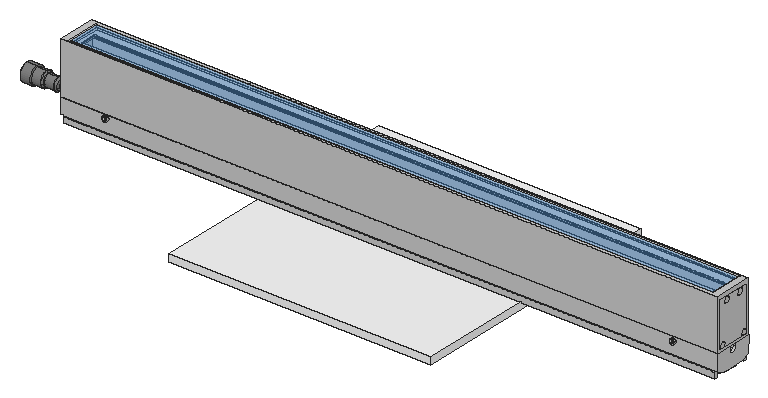
Revit family "BE_77153_de_DE", category Leuchten, Revit 2015
Parameters (values of type "BEGA_77153_Silber_K4")
  built-in parameter 1150104 = 13.686 (stored number, unit not read)
  Wattage = 33.6 W
  Default Elevation = 0 mm
  built-in parameter 1150113 = 1 (stored number, unit not read)
  built-in parameter 1114218 = 1 (stored number, unit not read)
  Umgebungstemperatur = "25 °C"
  URL = "http://www.bega.de/produkt/77153"
  Typenkommentare = "© 2017 BEGA. Wir behalten uns das Recht vor, technische Änderungen ohne vorherige Ankündigung vorzunehmen."  # constant formula
  Type Image = 77153.png
  built-in parameter 1150134 = 12
  built-in parameter 1150109 = 1 (stored number, unit not read)
  Strom = ""
  built-in parameter 1150110 = 1 (stored number, unit not read)
  Spannung = 239.996 V
  Sonderanfertigung = no
  Sockeltyp = ""
  Sockelanzahl = ""
  Seriennummer [instance] = "Hier können Sie die eindeutige Seriennummer für das Facility Management eintragen."
  Schutzklasse = "I"
  Schutzart = "IP 65"
  Scheinlast = 0 VA
  Produktdatenblatt = "http://www.bega.de/download/Xrfa/db/77153.db.de.pdf"
  Oberflächentemperatur = ""
  Neigungswinkel = 0.00°
  Modell = "77153A"
  Material_18 = BEGA_Gummi_schwarz
  Material_17 = BEGA_Reflektor
  Material_15 = BEGA_Leuchtmedium_matt
  Material_11 = BEGA_Glas_opal
  Material_10 = BEGA_Glas_matt
  Material_09 = BEGA_Glas_klar
  Material_06 = BEGA_Oberfläche_Edelstahl_gebürstet
  Material_04 = BEGA_Kunststoff_Grafit_matt
  Material_03 = BEGA_Oberfläche_Weiss_matt
  Material_02 = BEGA_Oberfläche_Silber_matt
  Material_01 [instance] = BEGA_Oberfläche_Grafit_matt
  M_W = no
  M_G = no
  M_A = yes
  Logo = 0
  built-in parameter 1114217 = 1 (stored number, unit not read)
  built-in parameter 1150139 = (empty or 0)
  built-in parameter 1150105 = 393.9 (stored number, unit not read)
  built-in parameter 1150114 = 1 (stored number, unit not read)
  Lumens = 4949.95 lm
  built-in parameter 1150115 = 1 (stored number, unit not read)
  Leuchtenlichtstrom = "2813 lm"
  Leuchtenanzahl = ""
  Lebensdauerkriterien = "L70 = 50.000 h"
  Lastklassifizierung = Beleuchtung
  built-in parameter 1150112 = 1 (stored number, unit not read)
  Lampenlichtstrom = "4950 lm"
  Lampe = "LED 33.6 W"
  LED_Modulbezeichnung = "2x LED-0612/840"
  built-in parameter 1150142 = (empty or 0)
  Hersteller = "BEGA"  # constant formula
  Halbstreuwinkel = ""
  Gewicht = "5.5 kg"
  Gebrauchslageneinschränkung [instance] = ""
  Frequenz = "0/50-60 Hz"
  Farbwiedergabeindex = "Ra > 80"
  Farbtemperaturverschiebung bei Dämpfen der Lampe = <Keine Auswahl>
  Farbtemperatur = "4000 K"
  Color Filter = 16777215
  built-in parameter 1150133 = 10 (stored number, unit not read)
  Energieeffizienzklasse = "LED A++ - A"
  built-in parameter 1150137 = (empty or 0)
  built-in parameter 1150132 = (empty or 0)
  ENEC = ""
  Dimmbar [instance] = "DALI"
  Datei für fotometrisches Netz = "BE_77153.IES"
  CE_Konformität = "ja"
  Bestellnummer = "77153A"
  Beschreibung_Sonderanfertigung = "Hier können Sie Informationen zur Sonderanfertigung eintragen."
  Beschreibung = "Fassadenscheinwerfer"
  built-in parameter 1150106 = 3.939 (stored number, unit not read)
  Befestigungsbohrung = "Ø 7 mm"
  Befestigungsabstand = "880 mm"
  Ballwurfsicher = ""
  BEGA_Intern_aus = yes
  BEGA_Intern_an = yes
  BEGA_Intern_Konstruktion = yes
  BEGA_Intern = yes
  BEGA_IES = yes
  BEGA_Dummy = no
  Anschlussleitung = "0.5 m X05BQ-F 5 G 1²"
  Anschlussleistung [instance] = "38 W"
  Anschlusskasten = ""
  built-in parameter 1150107 = 4000 (stored number, unit not read)
  built-in parameter 1150102 = (empty or 0)
  built-in parameter 1150138 = (empty or 0)
  Aktualisierung = "2017-01-26T04:13:31"
  Abstand_zur_angestrahlten_Fläche [instance] = ""
  AC/DC = "AC/DC"
Types (4, lengths in mm): name | built-in parameter 1150104 | built-in parameter 1150134 | Modell | M_G | M_A | built-in parameter 1150105 | Lumens | Leuchtenlichtstrom | Lampenlichtstrom | LED_Modulbezeichnung | Farbtemperatur | Datei für fotometrisches Netz | Bestellnummer | built-in parameter 1150106 | built-in parameter 1150107
  BEGA_77153_Silber_K4 | 13.686 (stored number, unit not read) | 12 | "77153A" | no | yes | 393.9 (stored number, unit not read) | 4949.95 lm | "2813 lm" | "4950 lm" | "2x LED-0612/840" | "4000 K" | "BE_77153.IES" | "77153A" | 3.939 (stored number, unit not read) | 4000 (stored number, unit not read)
  BEGA_77153_Grafit_K4 | 13.686 (stored number, unit not read) | 12 | "77153" | yes | no | 393.9 (stored number, unit not read) | 4949.95 lm | "2813 lm" | "4950 lm" | "2x LED-0612/840" | "4000 K" | "BE_77153.IES" | "77153" | 3.939 (stored number, unit not read) | 4000 (stored number, unit not read)
  BEGA_77153_Silber_K3 | 12.525 (stored number, unit not read) | (empty or 0) | "77153AK3" | no | yes | 360.48 (stored number, unit not read) | 4529.95 lm | "2574 lm" | "4530 lm" | "2x LED-0612/830" | "3000 K" | "BE_77153K3.IES" | "77153AK3" | 3.6048 (stored number, unit not read) | 3000 (stored number, unit not read)
  BEGA_77153_Grafit_K3 | 12.525 (stored number, unit not read) | (empty or 0) | "77153K3" | yes | no | 360.48 (stored number, unit not read) | 4529.95 lm | "2574 lm" | "4530 lm" | "2x LED-0612/830" | "3000 K" | "BE_77153K3.IES" | "77153K3" | 3.6048 (stored number, unit not read) | 3000 (stored number, unit not read)
Reference planes
  plane 1 "Mitte (Vorne/Hinten)": y = 0
  plane 2: z = 0
  plane 3 "Mitte (Links/Rechts)": x = 0
  plane 4 "Links": x = -500
  plane 5 "Rechts": x = 500
  plane 6 "Unten": y = -29
  plane 7 "Oben": y = 29
  plane 8 "Vorne": z = 113.3
  plane 9 "Hinten": z = 0
Forms (mm)
  Extrusion 1, solid, material "BEGA_Platte_Weiss"
    sketch origin (0, -1119.2, 0) x (1, 0, 0) y (0, 1, 0)
      loop
        line (-200, 1319.2) -> (-200, 919.2) -> (200, 919.2) -> (200, 1319.2) -> (-200, 1319.2)
    from 0 to -10
  Extrusion 2, solid, material "BEGA_Dummy_matt", visible <- "BEGA_Dummy"
    sketch origin (80.095, -76.023, 0) x (1, 0, 0) y (0, 1, 0)
      loop
        line (-580.095, 105.023) -> (-580.095, 47.023) -> (419.905, 47.023) -> (419.905, 105.023) -> (-580.095, 105.023)
    from 0 to 113.3
Dimensions and locks
  plane 1 "Mitte (Vorne/Hinten)" to Extrusion 1 = 200 mm
  aligned and locked: plane 2 to Extrusion 1
  aligned and locked: level to Extrusion 1
Nested families
  nested 1: "BE_77153_Scheinwerfer" at (0, 0, 0), type "BE_77153_Scheinwerfer"
Connectors
  electrical at (0, 0, 0), driven by "Lastklassifizierung", driven by "Spannung", driven by "Scheinlast"
    settings: index 1, voltage 239.996 V, apparent load 0 VA, apparent load phase1 0 VA, apparent load phase2 0 VA, apparent load phase3 0 VA, power factor 1, load classification "Beleuchtung", number of poles 1, system type 31, power factor state 1, is connector primary yes, connector utility no, sub classification motor no, connector description ""
Definition of nested family "BE_77153_Scheinwerfer"
  Parameters (values of type "BE_77153_Scheinwerfer")
    Default Elevation = 1 mm
    URL = "http://www.bega.de/de/produkt"
    Type Comments = "© 2015 BEGA. Wir behalten uns das Recht vor, technische Änderungen ohne vorherige Ankündigung vorzunehmen. "  # constant formula
    Type Image = (empty or 0)
    Material_18 = none
    Material_17 = none
    Material_15 = none
    Material_11 = none
    Material_10 = none
    Material_09 = none
    Material_06 = none
    Material_04 = none
    Material_03 = none
    Material_02 = none
    Material_01 = none
    M_W = yes
    M_G = yes
    M_A = yes
    Länge_Platte = 1200 mm  # constant formula
    Höhe_Platte = -10 mm  # constant formula
    Manufacturer = "BEGA"  # constant formula
    Breite_Platte = 200 mm  # constant formula
  Reference planes
    plane 1 "Mitte (Oben/Unten)": y = 0
    plane 2: z = 0
    plane 3 "Mitte (Links/Rechts)": x = 0
    plane 4: z = 113.3
    plane 5: y = -29
    plane 6: y = 29
    plane 7: x = -581.9
    plane 8: x = 500
  Forms (mm)
    Extrusion 1, solid, detail levels medium
      sketch origin (0, 0, 0) x (1, 0, 0) y (0, 1, 0)
        loop
          line (-600, 100) -> (-600, -100) -> (600, -100) -> (600, 100) -> (-600, 100)
      from 0 to -10 <- "Höhe_Platte"
    Extrusion 2, solid, material <- "Material_01", visible <- "M_G", detail levels medium+fine
      sketch origin (0, 0, 0) x (0, 1, 0) y (0, 0, 1)
        loop
          line (-29, 0) -> (-26.3, 0) -> (-26.3, 4.91)
          arc (-26.3, 4.91) -> (-26.086, 5.32) -> (-25.627, 5.379) r 0.5
          arc (-25.627, 5.379) -> (-17.92, 3.003) -> (-10, 1.479) r 74
          line (-10, 1.479) -> (-10, 0.2) -> (10, 0.2) -> (10, 1.482)
          arc (10, 1.482) -> (17.921, 3.006) -> (25.629, 5.383) r 73.998
          arc (25.629, 5.383) -> (26.086, 5.326) -> (26.299, 4.918) r 0.497
          line (26.299, 4.918) -> (26.299, 0) -> (29, 0) -> (29, 8.899)
          arc (29, 8.899) -> (28.775, 9.317) -> (28.302, 9.358) r 0.5
          arc (28.302, 9.358) -> (0, 3.5) -> (-28.301, 9.358) r 71.3
          arc (-28.301, 9.358) -> (-28.774, 9.317) -> (-29, 8.899) r 0.5
          line (-29, 8.899) -> (-29, 0)
      from -496 to 496
    Extrusion 3, solid, material <- "Material_01", visible <- "M_G", detail levels medium+fine
      sketch origin (0, 0, 0) x (0, 1, 0) y (0, 0, 1)
        loop
          arc (-29, 9.993) -> (0, 3.8) -> (29, 9.993) r 71
          line (29, 9.993) -> (29, 34.8) -> (25.401, 34.8) -> (25.401, 12.395)
          arc (25.401, 12.395) -> (0, 7.696) -> (-25.401, 12.395) r 71
          line (-25.401, 12.395) -> (-25.401, 34.8) -> (-29, 34.8) -> (-29, 9.993)
      from -496 to 496
    Sweep 4, solid, material <- "Material_01", visible <- "M_G", detail levels medium+fine
      path origin (0, 0, 0) x (1, 0, 0) y (0, 1, 0)
        loop
          line (-500, 29) -> (-500, -29) -> (500, -29) -> (500, 29) -> (-500, 29)
      profile origin (-500, 0, 0) x (1, 0, 0) y (0, 0, 1)
        loop
          line (0, 113.3) -> (0, 34.8) -> (11, 34.8) -> (11, 40.679) -> (3.5, 40.679) -> (3.5, 103.406) -> (17.035, 103.406)
          arc (17.035, 103.406) -> (17.719, 103.711) -> (18, 104.406) r 1
          line (18, 104.406) -> (18, 105.896)
          arc (18, 105.896) -> (17.713, 106.596) -> (17.017, 106.895) r 1
          line (17.017, 106.895) -> (11.125, 106.895) -> (8.794, 113.3) -> (0, 113.3)
    Extrusion 5, void
      sketch origin (239, 0, 0) x (1, 0, 0) y (0, 0, 1)
        loop
          line (261, 37.756) -> (261, 107.746) -> (258.218, 107.746) -> (258.218, 37.756) -> (261, 37.756)
      from -26.267 to 26.244
    Extrusion 6, solid, material <- "Material_01", visible <- "M_G", detail levels medium+fine
      sketch origin (239, 0, 0) x (1, 0, 0) y (0, 0, 1)
        loop
          line (261, 106.748) -> (258.218, 106.748) -> (258.218, 38.353) -> (261, 38.353) -> (261, 106.748)
      from -25.5 to 25.5
    Extrusion 7, solid, material <- "Material_01", visible <- "M_G", detail levels medium+fine
      sketch origin (0, 0, 0) x (0, 1, 0) y (0, 0, 1)
        loop
          line (-29, 34.8) -> (-29, 9.993)
          arc (-29, 9.993) -> (0, 3.8) -> (29, 9.993) r 71
          line (29, 9.993) -> (29, 34.8) -> (6, 34.8) -> (6, 29.8)
          arc (6, 29.8) -> (0, 23.8) -> (-6, 29.8) r 6
          line (-6, 29.8) -> (-6, 34.8) -> (-29, 34.8)
      from 496 to 500
    Extrusion 8, solid, material <- "Material_01", visible <- "M_G", detail levels medium+fine
      sketch origin (-239, 0, 0) x (0, 1, 0) y (0, 0, -1)
        loop
          line (-29, -34.8) -> (-6, -34.8) -> (-6, -29.8)
          arc (-6, -29.8) -> (0, -23.8) -> (6, -29.8) r 6
          line (6, -29.8) -> (6, -34.8) -> (29, -34.8) -> (29, -10.487)
          arc (29, -10.487) -> (0, -4.294) -> (-29, -10.487) r 71
          line (-29, -10.487) -> (-29, -34.8)
      from 257 to 261
    Extrusion 9, void
      sketch origin (0, 0, 0) x (1, 0, 0) y (0, 1, 0)
        loop
          circle (0, 0) r 7.5
        loop
          circle (-440, 0) r 3.5
        loop
          circle (440, 0) r 3.5
      from 0 to 10
    Revolve 10, solid, material <- "Material_01", visible <- "M_G", detail levels medium+fine
      sketch origin (-432, 0, 0) x (0, 1, 0) y (0, 0, 1)
        loop
          line (-31.453, 32.75) -> (-31.453, 31.8) -> (-27.5, 31.8) -> (-27.5, 32.75) -> (-31.453, 32.75)
        axis (-31.453, 28.8) -> (-27.5, 28.8)
      angle from 0 to 360
    Revolve 11, solid, material <- "Material_01", visible <- "M_G", detail levels medium+fine
      sketch origin (432, 0, 0) x (0, 1, 0) y (0, 0, -1)
        loop
          line (-31.453, -32.75) -> (-27.5, -32.75) -> (-27.5, -31.8) -> (-31.453, -31.8) -> (-31.453, -32.75)
        axis (-31.453, -28.8) -> (-27.5, -28.8)
      angle from 0 to 360
    Revolve 12, solid, material <- "Material_06", detail levels fine
      sketch origin (-432, 0, 0) x (0, 1, 0) y (0, 0, 1)
        loop
          line (-30.053, 31.8) -> (-30.053, 28.8) -> (-26.193, 28.8) -> (-26.193, 31.8) -> (-30.053, 31.8)
        axis (-30.053, 28.8) -> (-26.193, 28.8)
      angle from 0 to 360
    Revolve 13, solid, material <- "Material_06", detail levels fine
      sketch origin (432, 0, 0) x (0, 1, 0) y (0, 0, -1)
        loop
          line (-30.053, -31.8) -> (-26.193, -31.8) -> (-26.193, -28.8) -> (-30.053, -28.8) -> (-30.053, -31.8)
        axis (-30.053, -28.8) -> (-26.193, -28.8)
      angle from 0 to 360
    Revolve 14, solid, material <- "Material_04", detail levels medium+fine
      sketch origin (-239, 0, 0) x (1, 0, 0) y (0, 0, 1)
        loop
          line (-320.8, 43.3) -> (-335.5, 43.3) -> (-336.7, 42.1) -> (-336.7, 32.8) -> (-342.9, 32.8) -> (-342.9, 29.8) -> (-260.5, 29.8) -> (-260.5, 34.15) -> (-284, 34.15) -> (-284, 37.8) -> (-287, 39.3) -> (-288, 39.3)
          arc (-288, 39.3) -> (-288.146, 38.947) -> (-288.5, 38.8) r 0.5
          line (-288.5, 38.8) -> (-302.464, 38.8)
          arc (-302.464, 38.8) -> (-303.418, 38.99) -> (-304.228, 39.528) r 2.5
          line (-304.228, 39.528) -> (-305.707, 41.008)
          arc (-305.707, 41.008) -> (-306.032, 41.224) -> (-306.414, 41.3) r 1
          line (-306.414, 41.3) -> (-320, 41.3) -> (-320, 39.8) -> (-320.8, 39.8) -> (-320.8, 43.3)
        axis (-342.9, 29.8) -> (-260.5, 29.8)
      angle from 0 to 360
    Revolve 15, void
      sketch origin (239, -12.5, -0.101) x (1, 0, 0) y (0, 0, 1)
        loop
          line (261.225, 106.482) -> (258.494, 103.752) -> (258.494, 101.902) -> (261.225, 101.902) -> (261.225, 106.482)
        axis (258.494, 101.902) -> (261.225, 101.902)
      angle from 0 to 360
    Revolve 16, void
      sketch origin (239, 12.5, -0.101) x (1, 0, 0) y (0, 0, -1)
        loop
          line (261.225, -106.482) -> (261.225, -101.902) -> (258.494, -101.902) -> (258.494, -103.752) -> (261.225, -106.482)
        axis (258.494, -101.902) -> (261.225, -101.902)
      angle from 0 to 360
    Revolve 17, void
      sketch origin (239, -20.5, -58.602) x (1, 0, 0) y (0, 0, 1)
        loop
          line (261.225, 106.482) -> (258.494, 103.752) -> (258.494, 101.902) -> (261.225, 101.902) -> (261.225, 106.482)
        axis (258.494, 101.902) -> (261.225, 101.902)
      angle from 0 to 360
    Revolve 18, void
      sketch origin (239, 20.5, -58.602) x (1, 0, 0) y (0, 0, -1)
        loop
          line (261.225, -106.482) -> (261.225, -101.902) -> (258.494, -101.902) -> (258.494, -103.752) -> (261.225, -106.482)
        axis (258.494, -101.902) -> (261.225, -101.902)
      angle from 0 to 360
    Extrusion 19, solid, material <- "Material_06", detail levels fine
      sketch origin (239.494, 0, 0) x (0, 1, 0) y (0, 0, 1)
        loop
          circle (-12.5, 101.8) r 4.009
        loop
          circle (12.5, 101.8) r 4.009
        loop
          circle (-20.5, 43.3) r 4.009
        loop
          circle (20.5, 43.3) r 4.009
      from 259.244 to 260.506
    Extrusion 20, solid, material <- "Material_10", detail levels medium+fine
      sketch origin (0, 0, 0) x (1, 0, 0) y (0, 0, 1)
        loop
          line (-489.25, 113) -> (-489.25, 109) -> (489.25, 109) -> (489.25, 113) -> (-489.25, 113)
      from -25 to 25
    Sweep 21, void
      path origin (0, 0, 0) x (1, 0, 0) y (0, 1, 0)
        loop
          line (493.606, 29) -> (-493.606, 29) -> (-493.606, -29) -> (493.606, -29) -> (493.606, 29)
      profile origin (0, 29, 0) x (0, -1, 0) y (0, 0, 1)
        loop
          line (12.06, 106.895) -> (9.517, 113.881) -> (2.237, 113.881) -> (4.779, 106.895) -> (12.06, 106.895)
    Extrusion 22, solid, material <- "Material_02", visible <- "M_A", detail levels medium+fine
      sketch origin (0, 0, 0) x (0, 1, 0) y (0, 0, 1)
        loop
          line (-29, 0) -> (-26.3, 0) -> (-26.3, 4.91)
          arc (-26.3, 4.91) -> (-26.086, 5.32) -> (-25.627, 5.379) r 0.5
          arc (-25.627, 5.379) -> (-17.92, 3.003) -> (-10, 1.479) r 74
          line (-10, 1.479) -> (-10, 0.2) -> (10, 0.2) -> (10, 1.482)
          arc (10, 1.482) -> (17.921, 3.006) -> (25.629, 5.383) r 73.998
          arc (25.629, 5.383) -> (26.086, 5.326) -> (26.299, 4.918) r 0.497
          line (26.299, 4.918) -> (26.299, 0) -> (29, 0) -> (29, 8.899)
          arc (29, 8.899) -> (28.775, 9.317) -> (28.302, 9.358) r 0.5
          arc (28.302, 9.358) -> (0, 3.5) -> (-28.301, 9.358) r 71.3
          arc (-28.301, 9.358) -> (-28.774, 9.317) -> (-29, 8.899) r 0.5
          line (-29, 8.899) -> (-29, 0)
      from -496 to 496
    Extrusion 23, solid, material <- "Material_02", visible <- "M_A", detail levels medium+fine
      sketch origin (0, 0, 0) x (0, 1, 0) y (0, 0, 1)
        loop
          arc (-29, 9.993) -> (0, 3.8) -> (29, 9.993) r 71
          line (29, 9.993) -> (29, 34.8) -> (25.401, 34.8) -> (25.401, 12.395)
          arc (25.401, 12.395) -> (0, 7.696) -> (-25.401, 12.395) r 71
          line (-25.401, 12.395) -> (-25.401, 34.8) -> (-29, 34.8) -> (-29, 9.993)
      from -496 to 496
    Extrusion 24, solid, material <- "Material_02", visible <- "M_A", detail levels medium+fine
      sketch origin (0, 0, 0) x (0, 1, 0) y (0, 0, 1)
        loop
          line (-29, 34.8) -> (-29, 9.993)
          arc (-29, 9.993) -> (0, 3.8) -> (29, 9.993) r 71
          line (29, 9.993) -> (29, 34.8) -> (6, 34.8) -> (6, 29.8)
          arc (6, 29.8) -> (0, 23.8) -> (-6, 29.8) r 6
          line (-6, 29.8) -> (-6, 34.8) -> (-29, 34.8)
      from 496 to 500
    Extrusion 25, solid, material <- "Material_02", visible <- "M_A", detail levels medium+fine
      sketch origin (-239, 0, 0) x (0, 1, 0) y (0, 0, -1)
        loop
          line (-29, -34.8) -> (-6, -34.8) -> (-6, -29.8)
          arc (-6, -29.8) -> (0, -23.8) -> (6, -29.8) r 6
          line (6, -29.8) -> (6, -34.8) -> (29, -34.8) -> (29, -10.487)
          arc (29, -10.487) -> (0, -4.294) -> (-29, -10.487) r 71
          line (-29, -10.487) -> (-29, -34.8)
      from 257 to 261
    Revolve 26, solid, material <- "Material_02", visible <- "M_A", detail levels medium+fine
      sketch origin (-432, 0, 0) x (0, 1, 0) y (0, 0, 1)
        loop
          line (-31.453, 32.75) -> (-31.453, 31.8) -> (-27.5, 31.8) -> (-27.5, 32.75) -> (-31.453, 32.75)
        axis (-31.453, 28.8) -> (-27.5, 28.8)
      angle from 0 to 360
    Revolve 27, solid, material <- "Material_02", visible <- "M_A", detail levels medium+fine
      sketch origin (432, 0, 0) x (0, 1, 0) y (0, 0, -1)
        loop
          line (-31.453, -32.75) -> (-27.5, -32.75) -> (-27.5, -31.8) -> (-31.453, -31.8) -> (-31.453, -32.75)
        axis (-31.453, -28.8) -> (-27.5, -28.8)
      angle from 0 to 360
    Sweep 28, solid, material <- "Material_02", visible <- "M_A", detail levels medium+fine
      path origin (0, 0, 0) x (1, 0, 0) y (0, 1, 0)
        loop
          line (-500, 29) -> (-500, -29) -> (500, -29) -> (500, 29) -> (-500, 29)
      profile origin (-500, 0, 0) x (1, 0, 0) y (0, 0, 1)
        loop
          line (0, 113.3) -> (0, 34.8) -> (11, 34.8) -> (11, 40.679) -> (3.5, 40.679) -> (3.5, 103.406) -> (17.035, 103.406)
          arc (17.035, 103.406) -> (17.719, 103.711) -> (18, 104.406) r 1
          line (18, 104.406) -> (18, 105.896)
          arc (18, 105.896) -> (17.713, 106.596) -> (17.017, 106.895) r 1
          line (17.017, 106.895) -> (11.125, 106.895) -> (8.794, 113.3) -> (0, 113.3)
    Extrusion 29, solid, material <- "Material_02", visible <- "M_A", detail levels medium+fine
      sketch origin (239.281, 0, 0) x (1, 0, 0) y (0, 0, 1)
        loop
          line (260.719, 106.748) -> (257.938, 106.748) -> (257.938, 38.353) -> (260.719, 38.353) -> (260.719, 106.748)
      from -25.5 to 25.5
  Cuts and joins
    Extrusion 5, Sweep 21 cuts Sweep 4
    Extrusion 9 cuts Extrusion 3
    Extrusion 9 cuts Extrusion 7
    Extrusion 9 cuts Extrusion 8
    joined: Extrusion 3, Extrusion 7, Extrusion 8, Revolve 10, Revolve 11
    Extrusion 9 cuts Extrusion 2
    Revolve 15, Revolve 16, Revolve 17, Revolve 18 cuts Extrusion 6
    Extrusion 9 cuts Extrusion 22
    joined: Extrusion 23, Extrusion 24, Extrusion 25, Revolve 26, Revolve 27
    Extrusion 5, Revolve 16, Sweep 21 cuts Sweep 28
    Revolve 15, Revolve 16, Revolve 17, Revolve 18 cuts Extrusion 29
  Dimensions and locks
    equal spacing: Extrusion 1 sketch curve, plane 3 "Mitte (Links/Rechts)", Extrusion 1 sketch curve
    equal spacing: Extrusion 1 sketch curve, plane 1 "Mitte (Oben/Unten)", Extrusion 1 sketch curve
    "Länge_Platte": Extrusion 1 sketch curve to Extrusion 1 sketch curve
    "Breite_Platte": Extrusion 1 sketch curve to Extrusion 1 sketch curve
    aligned and locked: Extrusion 1 to plane 2
    aligned and locked: level to Extrusion 1
  Automatic sketch dimensions
    Extrusion 2 sketch curve to Extrusion 2 sketch curve = 0 mm  (x5)
    Extrusion 2 sketch curve to level = 0 mm  (x2)
    level to Extrusion 2 sketch curve = 8.899 mm
    plane 1 "Mitte (Oben/Unten)" to Extrusion 2 sketch curve = 29 mm
    Extrusion 2 sketch curve to Extrusion 2 sketch curve = 0.5 mm  (x2)
    Extrusion 2 sketch curve to Extrusion 2 sketch curve = 2.7 mm
    level to Extrusion 2 sketch curve = 0.2 mm
    plane 1 "Mitte (Oben/Unten)" to Extrusion 2 sketch curve = 10 mm
    Extrusion 2 sketch curve to plane 1 "Mitte (Oben/Unten)" = 0 mm  (x2)
    Extrusion 2 sketch curve to plane 1 "Mitte (Oben/Unten)" = 10 mm
    level to Extrusion 2 sketch curve = 4.918 mm
    Extrusion 2 sketch curve to Extrusion 2 sketch curve = 15.802 mm
    Extrusion 2 sketch curve to Extrusion 2 sketch curve = 0.497 mm
    Extrusion 2 sketch curve to Extrusion 2 sketch curve = 2.201 mm
    Extrusion 2 sketch curve to Extrusion 2 sketch curve = 2.701 mm
    Extrusion 2 sketch curve to Extrusion 2 sketch curve = 1.279 mm
    Extrusion 2 sketch curve to Extrusion 2 sketch curve = 1.282 mm
    Extrusion 2 sketch curve to Extrusion 2 sketch curve = 3.989 mm
    Extrusion 2 sketch curve to Extrusion 2 sketch curve = 3.981 mm
    Extrusion 2 sketch curve to Extrusion 2 sketch curve = 65.901 mm
    Extrusion 2 sketch curve to Extrusion 2 sketch curve = 0.002 mm
    Extrusion 2 sketch curve to Extrusion 2 sketch curve = 0.198 mm  (x2)
    Extrusion 3 sketch curve to plane 1 "Mitte (Oben/Unten)" = 0 mm  (x2)
    plane 1 "Mitte (Oben/Unten)" to Extrusion 3 sketch curve = 25.401 mm
    Extrusion 3 sketch curve to Extrusion 3 sketch curve = 3.599 mm  (x2)
    level to Extrusion 3 sketch curve = 12.395 mm
    Extrusion 3 sketch curve to plane 1 "Mitte (Oben/Unten)" = 25.401 mm
    Extrusion 3 sketch curve to Extrusion 3 sketch curve = 2.402 mm
    Extrusion 3 sketch curve to Extrusion 3 sketch curve = 22.405 mm  (x2)
    Extrusion 3 sketch curve to Extrusion 3 sketch curve = 40 mm
    Extrusion 3 sketch curve to Extrusion 3 sketch curve = 3.895 mm
    profile plane to Sweep 4 sketch curve = 0 mm
    Sweep 4 sketch curve to profile plane = 3.5 mm
    Sweep 4 sketch curve to profile plane = 8.794 mm
    Sweep 4 sketch curve to Sweep 4 sketch curve = 7.5 mm
    Sweep 4 sketch curve to Sweep 4 sketch curve = 2.331 mm
    Sweep 4 sketch curve to Sweep 4 sketch curve = 5.875 mm
    Sweep 4 sketch curve to Sweep 4 sketch curve = 0 mm
    Sweep 4 sketch curve to Sweep 4 sketch curve = 0.017 mm
    Sweep 4 sketch curve to Sweep 4 sketch curve = 0.035 mm
    Sweep 4 sketch curve to Sweep 4 sketch curve = 1 mm
    level to Sweep 4 sketch curve = 34.8 mm
    Sweep 4 sketch curve to Sweep 4 sketch curve = 5.878 mm
    Sweep 4 sketch curve to Sweep 4 sketch curve = 62.728 mm
    Sweep 4 sketch curve to Sweep 4 sketch curve = 1.49 mm
    Sweep 4 sketch curve to Sweep 4 sketch curve = 9.894 mm
    level to Extrusion 5 sketch curve = 37.756 mm
    plane 3 "Mitte (Links/Rechts)" to Extrusion 5 sketch curve = 497.218 mm
    Extrusion 5 sketch curve to Extrusion 5 sketch curve = 2.782 mm
    Extrusion 5 sketch curve to Extrusion 5 sketch curve = 69.99 mm
    level to Extrusion 6 sketch curve = 38.353 mm
    plane 3 "Mitte (Links/Rechts)" to Extrusion 6 sketch curve = 497.218 mm
    Extrusion 6 sketch curve to Extrusion 6 sketch curve = 2.782 mm
    Extrusion 6 sketch curve to Extrusion 6 sketch curve = 68.395 mm
    Extrusion 7 sketch curve to plane 1 "Mitte (Oben/Unten)" = 0 mm  (x2)
    plane 1 "Mitte (Oben/Unten)" to Extrusion 7 sketch curve = 6 mm
    Extrusion 7 sketch curve to Extrusion 7 sketch curve = 23 mm
    level to Extrusion 7 sketch curve = 9.993 mm
    Extrusion 7 sketch curve to plane 1 "Mitte (Oben/Unten)" = 29 mm
    level to Extrusion 7 sketch curve = 29.8 mm
    Extrusion 7 sketch curve to Extrusion 7 sketch curve = 5 mm  (x2)
    Extrusion 7 sketch curve to Extrusion 7 sketch curve = 40 mm
    Extrusion 8 sketch curve to plane 1 "Mitte (Oben/Unten)" = 0 mm  (x2)
    plane 1 "Mitte (Oben/Unten)" to Extrusion 8 sketch curve = 6 mm
    Extrusion 8 sketch curve to Extrusion 8 sketch curve = 23 mm
    level to Extrusion 8 sketch curve = 10.487 mm
    Extrusion 8 sketch curve to plane 1 "Mitte (Oben/Unten)" = 29 mm
    level to Extrusion 8 sketch curve = 29.8 mm
    Extrusion 8 sketch curve to Extrusion 8 sketch curve = 5 mm  (x2)
    Extrusion 8 sketch curve to Extrusion 8 sketch curve = 40.494 mm
    plane 1 "Mitte (Oben/Unten)" to Revolve 10 sketch curve = 31.453 mm
    Revolve 10 sketch curve to Revolve 10 sketch curve = 3.953 mm
    level to Revolve 10 sketch curve = 31.8 mm
    Revolve 10 sketch curve to Revolve 10 sketch curve = 0.95 mm
    Revolve 10 sketch curve to Revolve 10 sketch curve = 0.641 mm
    Revolve 10 sketch curve to Revolve 10 sketch curve = 2.294 mm
    Revolve 10 sketch curve to Revolve 10 sketch curve = 3 mm
    plane 1 "Mitte (Oben/Unten)" to Revolve 11 sketch curve = 31.453 mm
    Revolve 11 sketch curve to Revolve 11 sketch curve = 3.953 mm
    level to Revolve 11 sketch curve = 32.75 mm
    Revolve 11 sketch curve to Revolve 11 sketch curve = 0.95 mm
    Revolve 11 sketch curve to Revolve 11 sketch curve = 0.641 mm
    Revolve 11 sketch curve to Revolve 11 sketch curve = 2.294 mm
    Revolve 11 sketch curve to Revolve 11 sketch curve = 3 mm
    plane 1 "Mitte (Oben/Unten)" to Revolve 12 sketch curve = 30.053 mm
    Revolve 12 sketch curve to Revolve 12 sketch curve = 3.861 mm
    level to Revolve 12 sketch curve = 28.8 mm
    Revolve 12 sketch curve to Revolve 12 sketch curve = 3 mm
    Revolve 12 sketch curve to Revolve 12 sketch curve = 1.053 mm
    Revolve 12 sketch curve to Revolve 12 sketch curve = 1.25 mm
    Revolve 12 sketch curve to Revolve 12 sketch curve = 0 mm
    plane 1 "Mitte (Oben/Unten)" to Revolve 13 sketch curve = 30.053 mm
    Revolve 13 sketch curve to Revolve 13 sketch curve = 3.861 mm
    level to Revolve 13 sketch curve = 31.8 mm
    Revolve 13 sketch curve to Revolve 13 sketch curve = 3 mm
    Revolve 13 sketch curve to Revolve 13 sketch curve = 1.053 mm
    Revolve 13 sketch curve to Revolve 13 sketch curve = 1.25 mm
    Revolve 13 sketch curve to Revolve 13 sketch curve = 0 mm
    level to Revolve 14 sketch curve = 29.8 mm
    Revolve 14 sketch curve to plane 3 "Mitte (Links/Rechts)" = 581.9 mm
    level to Revolve 14 sketch curve = 42.1 mm
    Revolve 14 sketch curve to Revolve 14 sketch curve = 6.2 mm
    level to Revolve 14 sketch curve = 43.3 mm
    Revolve 14 sketch curve to Revolve 14 sketch curve = 1.2 mm
    Revolve 14 sketch curve to Revolve 14 sketch curve = 14.7 mm
    Revolve 14 sketch curve to Revolve 14 sketch curve = 0.8 mm
    Revolve 14 sketch curve to Revolve 14 sketch curve = 13.586 mm
    level to Revolve 14 sketch curve = 39.528 mm
    Revolve 14 sketch curve to Revolve 14 sketch curve = 2.187 mm
    Revolve 14 sketch curve to Revolve 14 sketch curve = 1.763 mm
    Revolve 14 sketch curve to Revolve 14 sketch curve = 13.964 mm
    Revolve 14 sketch curve to Revolve 14 sketch curve = 0.5 mm
    Revolve 14 sketch curve to Revolve 14 sketch curve = 1 mm  (x2)
    level to Revolve 14 sketch curve = 37.8 mm
    Revolve 14 sketch curve to Revolve 14 sketch curve = 3 mm  (x2)
    Revolve 14 sketch curve to Revolve 14 sketch curve = 23.5 mm
    Revolve 14 sketch curve to Revolve 14 sketch curve = 4.35 mm
    Revolve 14 sketch curve to Revolve 14 sketch curve = 3.5 mm
    Revolve 14 sketch curve to Revolve 14 sketch curve = 0.772 mm
    Revolve 14 sketch curve to Revolve 14 sketch curve = 1.5 mm
    Revolve 14 sketch curve to Revolve 14 sketch curve = 0.707 mm
    level to Revolve 14 sketch curve = 41.008 mm
    Revolve 14 sketch curve to Revolve 14 sketch curve = 0 mm
    Revolve 14 sketch curve to Revolve 14 sketch curve = 3.702 mm
    Revolve 14 sketch curve to Revolve 14 sketch curve = 7.729 mm
    Revolve 14 sketch curve to Revolve 14 sketch curve = 9 mm
    level to Revolve 15 sketch curve = 101.8 mm
    plane 3 "Mitte (Links/Rechts)" to Revolve 15 sketch curve = 497.494 mm
    Revolve 15 sketch curve to Revolve 15 sketch curve = 2.731 mm  (x2)
    Revolve 15 sketch curve to Revolve 15 sketch curve = 1.85 mm
    Revolve 15 sketch curve to Revolve 15 sketch curve = 0 mm  (x2)
    Revolve 15 sketch curve to Revolve 15 sketch curve = 1.225 mm
    level to Revolve 16 sketch curve = 101.8 mm
    plane 3 "Mitte (Links/Rechts)" to Revolve 16 sketch curve = 497.494 mm
    Revolve 16 sketch curve to Revolve 16 sketch curve = 2.731 mm  (x2)
    Revolve 16 sketch curve to Revolve 16 sketch curve = 1.85 mm
    Revolve 16 sketch curve to Revolve 16 sketch curve = 0 mm  (x2)
    Revolve 16 sketch curve to Revolve 16 sketch curve = 1.225 mm
    level to Revolve 17 sketch curve = 43.3 mm
    plane 3 "Mitte (Links/Rechts)" to Revolve 17 sketch curve = 497.494 mm
    Revolve 17 sketch curve to Revolve 17 sketch curve = 2.731 mm  (x2)
    Revolve 17 sketch curve to Revolve 17 sketch curve = 1.85 mm
    Revolve 17 sketch curve to Revolve 17 sketch curve = 0 mm  (x2)
    Revolve 17 sketch curve to Revolve 17 sketch curve = 1.225 mm
    level to Revolve 18 sketch curve = 43.3 mm
    plane 3 "Mitte (Links/Rechts)" to Revolve 18 sketch curve = 497.494 mm
    Revolve 18 sketch curve to Revolve 18 sketch curve = 2.731 mm  (x2)
    Revolve 18 sketch curve to Revolve 18 sketch curve = 1.85 mm
    Revolve 18 sketch curve to Revolve 18 sketch curve = 0 mm  (x2)
    Revolve 18 sketch curve to Revolve 18 sketch curve = 1.225 mm
    plane 1 "Mitte (Oben/Unten)" to Extrusion 19 sketch curve = 20.5 mm
    plane 1 "Mitte (Oben/Unten)" to Extrusion 19 sketch curve = 12.5 mm
    Extrusion 19 sketch curve to plane 1 "Mitte (Oben/Unten)" = 12.5 mm
    Extrusion 19 sketch curve to plane 1 "Mitte (Oben/Unten)" = 20.5 mm
    level to Extrusion 19 sketch curve = 43.3 mm
    Extrusion 19 sketch curve to Extrusion 19 sketch curve = 0 mm  (x2)
    Extrusion 19 sketch curve to Extrusion 19 sketch curve = 58.5 mm
    level to Extrusion 20 sketch curve = 109 mm
    Extrusion 20 sketch curve to plane 3 "Mitte (Links/Rechts)" = 489.25 mm
    plane 3 "Mitte (Links/Rechts)" to Extrusion 20 sketch curve = 489.25 mm
    Extrusion 20 sketch curve to Extrusion 20 sketch curve = 4 mm
    Sweep 21 sketch curve to profile plane = 2.237 mm
    Sweep 21 sketch curve to profile plane = 4.779 mm
    Sweep 21 sketch curve to Sweep 21 sketch curve = 7.28 mm  (x2)
    level to Sweep 21 sketch curve = 106.895 mm
    Sweep 21 sketch curve to Sweep 21 sketch curve = 6.985 mm
    Extrusion 22 sketch curve to Extrusion 22 sketch curve = 0 mm  (x5)
    Extrusion 22 sketch curve to level = 0 mm  (x2)
    level to Extrusion 22 sketch curve = 8.899 mm
    plane 1 "Mitte (Oben/Unten)" to Extrusion 22 sketch curve = 29 mm
    Extrusion 22 sketch curve to Extrusion 22 sketch curve = 0.5 mm  (x2)
    Extrusion 22 sketch curve to Extrusion 22 sketch curve = 2.7 mm
    level to Extrusion 22 sketch curve = 0.2 mm
    plane 1 "Mitte (Oben/Unten)" to Extrusion 22 sketch curve = 10 mm
    Extrusion 22 sketch curve to plane 1 "Mitte (Oben/Unten)" = 0 mm  (x2)
    Extrusion 22 sketch curve to plane 1 "Mitte (Oben/Unten)" = 10 mm
    level to Extrusion 22 sketch curve = 4.918 mm
    Extrusion 22 sketch curve to Extrusion 22 sketch curve = 15.802 mm
    Extrusion 22 sketch curve to Extrusion 22 sketch curve = 0.497 mm
    Extrusion 22 sketch curve to Extrusion 22 sketch curve = 2.201 mm
    Extrusion 22 sketch curve to Extrusion 22 sketch curve = 2.701 mm
    Extrusion 22 sketch curve to Extrusion 22 sketch curve = 1.279 mm
    Extrusion 22 sketch curve to Extrusion 22 sketch curve = 1.282 mm
    Extrusion 22 sketch curve to Extrusion 22 sketch curve = 3.989 mm
    Extrusion 22 sketch curve to Extrusion 22 sketch curve = 3.981 mm
    Extrusion 22 sketch curve to Extrusion 22 sketch curve = 65.901 mm
    Extrusion 22 sketch curve to Extrusion 22 sketch curve = 0.002 mm
    Extrusion 22 sketch curve to Extrusion 22 sketch curve = 0.198 mm  (x2)
    Extrusion 23 sketch curve to plane 1 "Mitte (Oben/Unten)" = 0 mm  (x2)
    plane 1 "Mitte (Oben/Unten)" to Extrusion 23 sketch curve = 25.401 mm
    Extrusion 23 sketch curve to Extrusion 23 sketch curve = 3.599 mm  (x2)
    level to Extrusion 23 sketch curve = 12.395 mm
    Extrusion 23 sketch curve to plane 1 "Mitte (Oben/Unten)" = 25.401 mm
    Extrusion 23 sketch curve to Extrusion 23 sketch curve = 2.402 mm
    Extrusion 23 sketch curve to Extrusion 23 sketch curve = 22.405 mm  (x2)
    Extrusion 23 sketch curve to Extrusion 23 sketch curve = 40 mm
    Extrusion 23 sketch curve to Extrusion 23 sketch curve = 3.895 mm
    Extrusion 24 sketch curve to plane 1 "Mitte (Oben/Unten)" = 0 mm  (x2)
    plane 1 "Mitte (Oben/Unten)" to Extrusion 24 sketch curve = 6 mm
    Extrusion 24 sketch curve to Extrusion 24 sketch curve = 23 mm
    level to Extrusion 24 sketch curve = 9.993 mm
    Extrusion 24 sketch curve to plane 1 "Mitte (Oben/Unten)" = 29 mm
    level to Extrusion 24 sketch curve = 29.8 mm
    Extrusion 24 sketch curve to Extrusion 24 sketch curve = 5 mm  (x2)
    Extrusion 24 sketch curve to Extrusion 24 sketch curve = 40 mm
    Extrusion 25 sketch curve to plane 1 "Mitte (Oben/Unten)" = 0 mm  (x2)
    plane 1 "Mitte (Oben/Unten)" to Extrusion 25 sketch curve = 6 mm
    Extrusion 25 sketch curve to Extrusion 25 sketch curve = 23 mm
    level to Extrusion 25 sketch curve = 10.487 mm
    Extrusion 25 sketch curve to plane 1 "Mitte (Oben/Unten)" = 29 mm
    level to Extrusion 25 sketch curve = 29.8 mm
    Extrusion 25 sketch curve to Extrusion 25 sketch curve = 5 mm  (x2)
    Extrusion 25 sketch curve to Extrusion 25 sketch curve = 40.494 mm
    plane 1 "Mitte (Oben/Unten)" to Revolve 26 sketch curve = 31.453 mm
    Revolve 26 sketch curve to Revolve 26 sketch curve = 3.953 mm
    level to Revolve 26 sketch curve = 31.8 mm
    Revolve 26 sketch curve to Revolve 26 sketch curve = 0.95 mm
    Revolve 26 sketch curve to Revolve 26 sketch curve = 0.641 mm
    Revolve 26 sketch curve to Revolve 26 sketch curve = 2.294 mm
    Revolve 26 sketch curve to Revolve 26 sketch curve = 3 mm
    plane 1 "Mitte (Oben/Unten)" to Revolve 27 sketch curve = 31.453 mm
    Revolve 27 sketch curve to Revolve 27 sketch curve = 3.953 mm
    level to Revolve 27 sketch curve = 32.75 mm
    Revolve 27 sketch curve to Revolve 27 sketch curve = 0.95 mm
    Revolve 27 sketch curve to Revolve 27 sketch curve = 0.641 mm
    Revolve 27 sketch curve to Revolve 27 sketch curve = 2.294 mm
    Revolve 27 sketch curve to Revolve 27 sketch curve = 3 mm
    profile plane to Sweep 28 sketch curve = 0 mm
    Sweep 28 sketch curve to profile plane = 3.5 mm
    Sweep 28 sketch curve to profile plane = 8.794 mm
    Sweep 28 sketch curve to Sweep 28 sketch curve = 7.5 mm
    Sweep 28 sketch curve to Sweep 28 sketch curve = 2.331 mm
    Sweep 28 sketch curve to Sweep 28 sketch curve = 5.875 mm
    Sweep 28 sketch curve to Sweep 28 sketch curve = 0 mm
    Sweep 28 sketch curve to Sweep 28 sketch curve = 0.017 mm
    Sweep 28 sketch curve to Sweep 28 sketch curve = 0.035 mm
    Sweep 28 sketch curve to Sweep 28 sketch curve = 1 mm
    level to Sweep 28 sketch curve = 34.8 mm
    Sweep 28 sketch curve to Sweep 28 sketch curve = 5.878 mm
    Sweep 28 sketch curve to Sweep 28 sketch curve = 62.728 mm
    Sweep 28 sketch curve to Sweep 28 sketch curve = 1.49 mm
    Sweep 28 sketch curve to Sweep 28 sketch curve = 9.894 mm
    level to Extrusion 29 sketch curve = 38.353 mm
    plane 3 "Mitte (Links/Rechts)" to Extrusion 29 sketch curve = 497.218 mm
    Extrusion 29 sketch curve to Extrusion 29 sketch curve = 2.782 mm
    Extrusion 29 sketch curve to Extrusion 29 sketch curve = 68.395 mm
    Sweep 28 sketch curve to plane 5 = 0 mm
    Sweep 28 sketch curve to plane 6 = 0 mm
    Sweep 4 sketch curve to plane 5 = 0 mm
    Sweep 4 sketch curve to plane 6 = 0 mm
    Sweep 21 sketch curve to plane 6 = 0 mm
    Sweep 21 sketch curve to plane 5 = 0 mm
    Extrusion 9 sketch curve to plane 1 "Mitte (Oben/Unten)" = 0 mm
    plane 1 "Mitte (Oben/Unten)" to Extrusion 9 sketch curve = 0 mm  (x2)
    Extrusion 9 sketch curve to plane 3 "Mitte (Links/Rechts)" = 0 mm
    Sweep 4 sketch curve to plane 3 "Mitte (Links/Rechts)" = 500 mm
    Extrusion 9 sketch curve to Extrusion 9 sketch curve = 440 mm
    Sweep 21 sketch curve to plane 3 "Mitte (Links/Rechts)" = 493.606 mm
    Sweep 28 sketch curve to plane 3 "Mitte (Links/Rechts)" = 500 mm
    plane 3 "Mitte (Links/Rechts)" to Sweep 4 sketch curve = 500 mm
    plane 3 "Mitte (Links/Rechts)" to Extrusion 9 sketch curve = 440 mm
    plane 3 "Mitte (Links/Rechts)" to Sweep 21 sketch curve = 493.606 mm
    plane 3 "Mitte (Links/Rechts)" to Sweep 28 sketch curve = 500 mm
    radius of Extrusion 19 sketch curve = 4.009 mm  (x4)
    radius of Extrusion 9 sketch curve = 7.5 mm
    radius of Extrusion 9 sketch curve = 3.5 mm  (x2)
